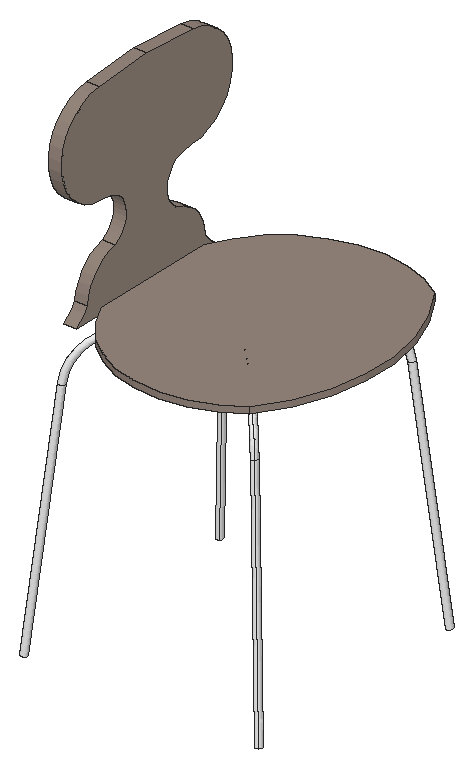
Revit family "Chair 2", category Furniture, Revit 2025
Family settings
  Work Plane-Based = No
  Enable Cutting in Views = No
  Always vertical = Yes
  Cut with Voids When Loaded = No
  Render Appearance Source = Family Geometry
  Shared = No
  Room Calculation Point = No
Parameters
  __Temp [instance] = 0 mm
  Keynote = "12600"
  Manufacturer = ""
  Default Elevation = 0 mm
  Bracket Material = Herman Miller - Finish 47 Trivalent Chrome
  Model = ""
  Cushion/Chair Back Material = Herman Miller - Veneer Z5 Maple
  BG_DIM_Width2 [instance] = 0 mm
  BG_DIM_Depth1 [instance] = 0 mm
Reference planes
  plane 1 "Center F/B": y = -198.997
  plane 2: z = 0
  plane 3 "Center L/R": x = -1.022
Forms (mm)
  Sweep 1, solid, material "Herman Miller - Finish 47 Trivalent Chrome" <- "Bracket Material"
    path origin (61.052, -65.204, 45) x (0, 0, -1) y (0.707107, -0.707107, 0)
      loop
        line (45, -82.843) -> (-332.364, -36.508)
        arc (-332.364, -36.508) -> (-382.531, -10.114) -> (-402.615, 42.895) r 80
        line (-402.615, 42.895) -> (-402.615, 181.322)
    profile origin (18.855, -23.007, 188.682) x (-0.701836, 0.701836, 0.121869) y (-0.707107, -0.707107, 0)
      loop
        circle (0, 0) r 5
  Sweep 2, solid, material "Herman Miller - Finish 47 Trivalent Chrome" <- "Bracket Material"
    path origin (57.516, -325.168, 45) x (0, 0, -1) y (0.707107, 0.707107, 0)
      loop
        line (45, -82.843) -> (-332.364, -36.508)
        arc (-332.364, -36.508) -> (-382.531, -10.114) -> (-402.615, 42.895) r 80
        line (-402.615, 42.895) -> (-402.615, 181.322)
    profile origin (15.319, -367.364, 188.682) x (-0.701836, -0.701836, 0.121869) y (0.707107, -0.707107, 0)
      loop
        circle (0, 0) r 5
  Sweep 3, solid, material "Herman Miller - Finish 47 Trivalent Chrome" <- "Bracket Material"
    path origin (303.338, -65.204, 45) x (0, 0, -1) y (0.707107, 0.707107, 0)
      loop
        line (45, 82.843) -> (-332.364, 36.508)
        arc (-332.364, 36.508) -> (-382.531, 10.114) -> (-402.615, -42.895) r 80
        line (-402.615, -42.895) -> (-402.615, -181.322)
    profile origin (345.535, -23.007, 188.682) x (0.701836, 0.701836, 0.121869) y (-0.707107, 0.707107, 0)
      loop
        circle (0, 0) r 5
  Sweep 4, solid, material "Herman Miller - Finish 47 Trivalent Chrome" <- "Bracket Material"
    path origin (306.873, -325.168, 45) x (0, 0, -1) y (0.707107, -0.707107, 0)
      loop
        line (45, 82.843) -> (-332.364, 36.508)
        arc (-332.364, 36.508) -> (-382.531, 10.114) -> (-402.615, -42.895) r 80
        line (-402.615, -42.895) -> (-402.615, -181.322)
    profile origin (349.07, -367.364, 188.682) x (0.701836, -0.701836, 0.121869) y (0.707107, 0.707107, 0)
      loop
        circle (0, 0) r 5
  Extrusion 5, solid, material "Herman Miller - Veneer Z5 Maple" <- "Cushion/Chair Back Material"
    sketch origin (0, 0, 0) x (1, 0, 0) y (0, 1, 0)
      loop
        arc (340, -9.099) -> (152.776, 17.913) -> (32.728, -128.274) r 192.616
        line (32.728, -128.274) -> (32.728, -249.923)
        arc (32.728, -249.923) -> (152.776, -396.11) -> (340, -369.099) r 192.616
        arc (340, -369.099) -> (400.673, -189.099) -> (340, -9.099) r 297.34
    from 450 to 460
  Extrusion 6, solid, material "Herman Miller - Veneer Z5 Maple" <- "Cushion/Chair Back Material"
    sketch origin (390, -409.099, -27.081) x (0, 0, -1) y (0, 1, 0)
      loop
        arc (-498.809, 95.839) -> (-486.21, 86.065) -> (-477.081, 72.99) r 53.087
        line (-477.081, 72.99) -> (-477.081, 347.212)
        arc (-477.081, 347.212) -> (-486.21, 334.138) -> (-498.809, 324.364) r 53.087
        arc (-498.809, 324.364) -> (-539.073, 308.301) -> (-561.143, 270.989) r 67.175
        arc (-561.143, 270.989) -> (-601.737, 249.17) -> (-634.197, 281.887) r 38.521
        line (-634.197, 281.887) -> (-636.604, 298.938)
        arc (-636.604, 298.938) -> (-714.694, 376.726) -> (-796.127, 302.444) r 79.872
        line (-796.127, 302.444) -> (-802.584, 210.101) -> (-796.127, 117.759)
        arc (-796.127, 117.759) -> (-714.694, 43.477) -> (-636.604, 121.265) r 79.872
        line (-636.604, 121.265) -> (-634.197, 138.316)
        arc (-634.197, 138.316) -> (-601.737, 171.033) -> (-561.143, 149.213) r 38.521
        arc (-561.143, 149.213) -> (-539.073, 111.901) -> (-498.809, 95.839) r 67.175
    from -367.272 to -347.272
Dimensions and locks
  aligned and locked: plane 1 "Center F/B" to Extrusion 6
